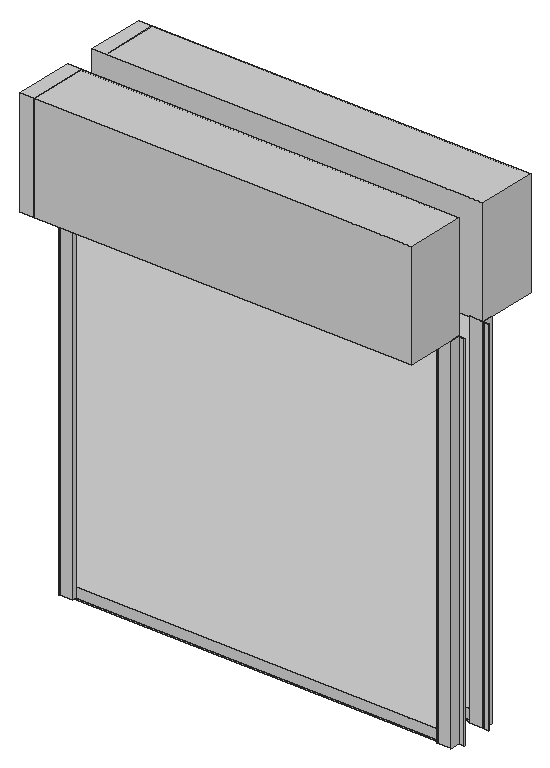
Revit family "DSI-FW119_Smoke-and-Fire-Curtain_Over-Under-Headbox_Door-Systems", category Doors, host Wall, Revit 2023
Family settings
  Host = Wall
  OmniClass Number = 23.30.60.17
  OmniClass Title = Fire and Smoke Shutters and Curtains
  Always vertical = Yes
  Cut with Voids When Loaded = No
  Shared = No
  Room Calculation Point = No
Parameters (values of type "Default")
  Width = 9' - 0"
  Wall Thickness_Calc [instance] = if(Wall Thickness < 0' 9", Wall Thickness, 0' 9")  # 0' - 9"
  Wall Thickness [instance] = 0' - 9"
  URL = "https://www.doorsysinc.com/"
  Specification = "https://www.arcat.com/company/door-systems-50183/spec"
  Product Page URL = "https://www.arcat.com/arcatcos/cos50/arc50183.html"
  Model = "DSI-FW119"
  Manufacturer = "Door Systems"
  Keynote = "08 33 44"
  Jamb Lenght = 0' - 4"
  Jamb Depth = 0' - 3"
  Height = 9' - 0"
  Head Box Width_Calc [instance] = if(Head Box Width > 0' 9", Head Box Width, 0' 9")  # 1' - 5 1/2"
  Head Box Width [instance] = if(Clear Opening Height < 10' 1", 1' 5 1/2", 1' 9 1/2")  # 1' - 5 1/2"
  Head Box Height_Calc [instance] = if(Head Box Height > 1' 3", Head Box Height, 1' 3")  # 2' - 7 1/2"
  Head Box Height [instance] = if(Clear Opening Height < 10' 1", 2' 7 1/2", 3' 7 1/2")  # 2' - 7 1/2"
  Frame Projection Ext. = 0' - 1"
  Frame Projection Int. = 0' - 1"
  Frame Width = 0' - 3"
  Wall Closure = By host
  Frame Finish = Metal - Steel - Primed
  CurtainDrop_Viz = yes
  Curtain Finish = HS690-SS FABRIC- FW119
  Copyright = "Arcat, Inc."
  Clear Opening Width [instance] = 9' - 0"
  Clear Opening Height [instance] = 9' - 0"
  CAD Details = "https://www.arcat.com/company/door-systems-50183/cad"
Reference planes (in)
  plane 1 "Center (Front/Back)": y = 0
  plane 2 "Center (Left/Right)": x = 0
  plane 3 "Left": x = -54
  plane 4 "Right": x = 54
  plane 5 "Top": z = 108
  plane 6 "Exterior": y = 4
  plane 7 "Interior": y = -4
  plane 8: y = 7.5
  plane 9: y = 6
  plane 10: y = -6
  plane 11: y = -7.5
  plane 12: x = -58
  plane 13: y = 6.5
  plane 14: y = 5.5
  plane 15: y = -5.5
  plane 16: y = -6.5
  plane 17: x = 58
  plane 18: y = -4.5
  plane 19: y = 4.5
  plane 20: y = 6.4375
  plane 21: y = 5.5625
  plane 22: y = -5.5625
  plane 23: y = -6.4375
  plane 24: y = 4.625
  plane 25: x = -58.125
  plane 26: x = -59.625
  plane 27: x = 58.125
  plane 28: x = 59.625
  plane 29: y = -4.625
Forms (in)
  Extrusion 1, solid, material "HS690-SS FABRIC- FW119" <- "Curtain Finish"
    sketch origin (0, 0, 0) x (1, 0, 0) y (0, 1, 0)
      loop
        line (-54, 6.4375) -> (-54, 5.5625) -> (54, 5.5625) -> (54, 6.4375) -> (-54, 6.4375)
    from 0 to 108
  Sweep 2, solid, material "Metal - Steel - Primed" <- "Frame Finish"
    path origin (0, 7.5, -36) x (1, 0, 0) y (0, 0, 1)
      loop
        line (-58, 144) -> (58, 144)
    profile origin (0, 7.5, 108) x (0, 0, 1) y (0, -1, 0)
      loop
        line (31.5, 3) -> (0, 3) -> (0, -14.5) -> (31.5, -14.5) -> (31.5, 3)
  Sweep 3, solid, material "Metal - Steel - Primed" <- "Frame Finish", visible <- "CurtainDrop_Viz"
    path origin (0, 0, 0) x (1, 0, 0) y (0, 1, 0)
      loop
        line (54, 6) -> (-54, 6)
    profile origin (0, 6, 0) x (0, -1, 0) y (0, 0, 1)
      loop
        line (-1, 0.125) -> (-1, 0) -> (-0.3125, 0) -> (-0.3125, 3) -> (-0.4375, 3) -> (-0.4375, 0.125) -> (-1, 0.125)
      loop
        line (1, 0) -> (1, 0.125) -> (0.4375, 0.125) -> (0.4375, 3) -> (0.3125, 3) -> (0.3125, 0) -> (1, 0)
  Sweep 4, solid, material "Metal - Steel - Primed" <- "Frame Finish"
    path origin (0, -7.5, -36) x (1, 0, 0) y (0, 0, -1)
      loop
        line (-58, -144) -> (58, -144)
    profile origin (0, -7.5, 108) x (0, 0, -1) y (0, 1, 0)
      loop
        line (-31.5, 3) -> (-31.5, -14.5) -> (0, -14.5) -> (0, 3) -> (-31.5, 3)
  Extrusion 5, solid, material "Metal - Steel - Primed" <- "Frame Finish"
    sketch origin (0, 0, 0) x (1, 0, 0) y (0, 1, 0)
      loop
        line (-54, -5.5) -> (-54, -4.5) -> (-58, -4.5) -> (-58, -7.5) -> (-54, -7.5) -> (-54, -6.5) -> (-55.25, -6.5) -> (-55.25, -6.625) -> (-54.125, -6.625) -> (-54.125, -7.375) -> (-57.875, -7.375) -> (-57.875, -4.625) -> (-54.125, -4.625) -> (-54.125, -5.375) -> (-55.25, -5.375) -> (-55.25, -5.5) -> (-54, -5.5)
      loop
        line (54, -7.5) -> (58, -7.5) -> (58, -4.5) -> (54, -4.5) -> (54, -5.5) -> (55.24883, -5.5) -> (55.24883, -5.375) -> (54.125, -5.375) -> (54.125, -4.625) -> (57.875, -4.625) -> (57.875, -7.375) -> (54.125, -7.375) -> (54.125, -6.625) -> (55.24883, -6.625) -> (55.24883, -6.5) -> (54, -6.5) -> (54, -7.5)
    from 0 to 108
  Extrusion 6, solid, material "HS690-SS FABRIC- FW119" <- "Curtain Finish"
    sketch origin (0, 0, 0) x (1, 0, 0) y (0, 1, 0)
      loop
        line (-54, -6.4375) -> (54, -6.4375) -> (54, -5.5625) -> (-54, -5.5625) -> (-54, -6.4375)
    from 0 to 108
  Sweep 7, solid, material "Metal - Steel - Primed" <- "Frame Finish", visible <- "CurtainDrop_Viz"
    path origin (0, 0, 0) x (1, 0, 0) y (0, 1, 0)
      loop
        line (54, -6) -> (-54, -6)
    profile origin (0, -6, 0) x (0, -1, 0) y (0, 0, 1)
      loop
        line (1, 0.125) -> (0.4375, 0.125) -> (0.4375, 3) -> (0.3125, 3) -> (0.3125, 0) -> (1, 0) -> (1, 0.125)
      loop
        line (-1, 0) -> (-0.3125, 0) -> (-0.3125, 3) -> (-0.4375, 3) -> (-0.4375, 0.125) -> (-1, 0.125) -> (-1, 0)
  Extrusion 8, void
    sketch origin (0, 0, 0) x (0, 1, 0) y (0, 0, 1)
      loop
        line (21.875, 139.375) -> (4.625, 139.375) -> (4.625, 108.125) -> (21.875, 108.125) -> (21.875, 139.375)
      loop
        line (-4.625, 139.375) -> (-21.875, 139.375) -> (-21.875, 108.125) -> (-4.625, 108.125) -> (-4.625, 139.375)
    from -54 to 54
  Extrusion 9, solid, material "Metal - Steel - Primed" <- "Frame Finish"
    sketch origin (0, 0, 0) x (1, 0, 0) y (0, 1, 0)
      loop
        line (-54, 7.5) -> (-58, 7.5) -> (-58, 4.5) -> (-54, 4.5) -> (-54, 5.5) -> (-55.25, 5.5) -> (-55.25, 5.375) -> (-54.125, 5.375) -> (-54.125, 4.625) -> (-57.875, 4.625) -> (-57.875, 7.375) -> (-54.125, 7.375) -> (-54.125, 6.625) -> (-55.25, 6.625) -> (-55.25, 6.5) -> (-54, 6.5) -> (-54, 7.5)
      loop
        line (58, 7.5) -> (54, 7.5) -> (54, 6.5) -> (55.24883, 6.5) -> (55.24883, 6.625) -> (54.125, 6.625) -> (54.125, 7.375) -> (57.875, 7.375) -> (57.875, 4.625) -> (54.125, 4.625) -> (54.125, 5.375) -> (55.24883, 5.375) -> (55.24883, 5.5) -> (54, 5.5) -> (54, 4.5) -> (58, 4.5) -> (58, 7.5)
    from 0 to 108
  Extrusion 10, solid, material "Metal - Steel - Primed" <- "Frame Finish"
    sketch origin (0, 0, 0) x (1, 0, 0) y (0, 1, 0)
      loop
        line (-59.625, -4.5) -> (-59.625, -4.625) -> (-58.125, -4.625) -> (-58.125, -7.5) -> (-58, -7.5) -> (-58, -4.5) -> (-59.625, -4.5)
      loop
        line (58, -4.5) -> (58, -7.5) -> (58.125, -7.5) -> (58.125, -4.625) -> (59.625, -4.625) -> (59.625, -4.5) -> (58, -4.5)
    from 0 to 108
  Extrusion 11, solid, material "Metal - Steel - Primed" <- "Frame Finish"
    sketch origin (0, 0, 0) x (1, 0, 0) y (0, 1, 0)
      loop
        line (-58, 7.5) -> (-58.125, 7.5) -> (-58.125, 4.625) -> (-59.625, 4.625) -> (-59.625, 4.5) -> (-58, 4.5) -> (-58, 7.5)
      loop
        line (58.125, 7.5) -> (58, 7.5) -> (58, 4.5) -> (59.625, 4.5) -> (59.625, 4.625) -> (58.125, 4.625) -> (58.125, 7.5)
    from 0 to 108
Cuts and joins
  Extrusion 8 cuts Sweep 2
  Extrusion 8 cuts Sweep 4
Lines and regions (in)
  Opening 1
    outline origin (-90, -4, 0) x (1, 0, 0) y (0, 0, 1)
      loop
        line (36, 0) -> (144, 0) -> (144, 139.5) -> (36, 139.5) -> (36, 0)
Text (in)
  text "Exterior" at (-74.96733, 27.31104, 0), in view "Ref. Level"
  text "Interior" at (-74.96733, -25.14366, 0), in view "Ref. Level"
  text "Exterior" at (0, 40.15149, 123.01588), in view "Right"
  text "Interior" at (0, -64.39139, 123.01588), in view "Right"
  text "Interior" at (0, -31.01599, 123.00693), in view "Left"
  text "Exterior" at (0, 54.57065, 123.00693), in view "Left"
Dimensions and locks (in)
  equal spacing: plane 3 "Left", plane 2 "Center (Left/Right)", plane 4 "Right"
  "Clear Opening Height": level to plane 5 "Top"
  plane 3 "Left" to plane 4 "Right" = 9' - 0"
  host wall to plane 5 "Top" = 9' - 0"
  locked: Sweep 3 sketch curve to Sweep 3 sketch curve at 0.125
  "Head Box Width_Calc": Sweep 2 sketch curve to Sweep 2 sketch curve
  "Head Box Height_Calc": Sweep 2 sketch curve to Sweep 2 sketch curve
  "Clear Opening Width": plane 3 "Left" to plane 4 "Right"
  "Head Box Width_Calc": Sweep 4 sketch curve to Sweep 4 sketch curve
  "Head Box Height_Calc": Sweep 4 sketch curve to profile plane
  locked: Sweep 7 sketch curve to Sweep 7 sketch curve at 0.125
  locked: Sweep 2 to Extrusion 8 sketch curve at 0.125  (x2)
  locked: Extrusion 8 sketch curve to Sweep 2 at 0.125
  locked: Sweep 4 to Extrusion 8 sketch curve at 0.125  (x3)
  locked: cut or joined group of Sweep 2, Extrusion 8 to Extrusion 8 sketch curve at 0.125
  locked: Extrusion 8 sketch curve to cut or joined group of Sweep 4, Extrusion 8 at 0.125
  equal spacing: plane 19, plane 9, plane 8
  "Jamb Lenght": plane 12 to plane 3 "Left"
  equal spacing: plane 18, plane 10, plane 11
  "Jamb Depth": plane 18 to plane 11
  "Jamb Depth": plane 19 to plane 8
  equal spacing: plane 19, plane 14, plane 13, plane 8
  equal spacing: plane 18, plane 15, plane 16, plane 11
  "Jamb Lenght": plane 4 "Right" to plane 17
  equal spacing: plane 19, plane 1 "Center (Front/Back)", plane 18
  "Wall Thickness_Calc": plane 19 to plane 18
  locked: plane 13 to plane 20 at 0.0625
  locked: plane 14 to plane 21 at 0.0625
  locked: plane 22 to plane 15 at 0.0625
  locked: plane 23 to plane 16 at 0.0625
  plane 26 to plane 25 to plane 12 = 0' - 1 1/2" locked, 0' - 0 1/8" locked
  locked: plane 24 to plane 19 at 0.125
  plane 28 to plane 27 to plane 17 = 0' - 1 1/2" locked, 0' - 0 1/8" locked
  locked: plane 18 to plane 29 at 0.125
  aligned and locked: Opening 1 sketch curve to level
  aligned and locked: plane 6 "Exterior" to host wall
  aligned and locked: host wall to plane 7 "Interior"
  aligned and locked: Sweep 3 sketch curve to Sweep 3 sketch curve
  aligned and locked: plane 5 "Top" to Sweep 2
  aligned and locked: Sweep 2 sketch curve to plane 5 "Top"
  aligned and locked: plane 9 to Sweep 3 sketch curve
  aligned and locked: plane 3 "Left" to Sweep 3 sketch curve
  aligned and locked: plane 4 "Right" to Sweep 3 sketch curve
  aligned and locked: Extrusion 1 to plane 5 "Top"
  aligned and locked: Extrusion 5 sketch curve to plane 11  (x2)
  aligned and locked: Extrusion 5 sketch curve to Extrusion 5 sketch curve
  aligned and locked: Extrusion 5 to plane 5 "Top"
  aligned and locked: Sweep 4 sketch curve to plane 5 "Top"
  aligned and locked: Extrusion 5 to Sweep 4 sketch curve
  aligned and locked: Extrusion 5 to Sweep 2 sketch curve
  aligned and locked: Sweep 7 sketch curve to Sweep 7 sketch curve
  aligned and locked: Sweep 2 to Opening 1 sketch curve
  aligned and locked: Extrusion 8 to plane 4 "Right"
  aligned and locked: plane 3 "Left" to Extrusion 8
  aligned and locked: plane 3 "Left" to Opening 1 sketch curve
  aligned and locked: plane 4 "Right" to Opening 1 sketch curve
  aligned and locked: Extrusion 6 to plane 5 "Top"
  aligned and locked: Extrusion 5 sketch curve to plane 12
  aligned and locked: plane 15 to Extrusion 5 sketch curve  (x2)
  aligned and locked: plane 16 to Extrusion 5 sketch curve  (x2)
  aligned and locked: plane 17 to Extrusion 5 sketch curve
  aligned and locked: Extrusion 5 sketch curve to plane 18  (x2)
  aligned and locked: Extrusion 9 sketch curve to plane 8  (x2)
  aligned and locked: Extrusion 9 sketch curve to plane 12
  aligned and locked: Extrusion 9 sketch curve to plane 3 "Left"
  aligned and locked: Extrusion 9 sketch curve to plane 13  (x2)
  aligned and locked: plane 14 to Extrusion 9 sketch curve  (x2)
  aligned and locked: Extrusion 9 sketch curve to Extrusion 5
  aligned and locked: Extrusion 9 sketch curve to plane 19  (x2)
  aligned and locked: Extrusion 9 sketch curve to plane 4 "Right"
  aligned and locked: Extrusion 9 sketch curve to plane 17
  aligned and locked: Extrusion 5 to Extrusion 9 sketch curve
  aligned and locked: Extrusion 9 to level
  aligned and locked: Extrusion 9 to plane 5 "Top"
  aligned and locked: Extrusion 1 sketch curve to plane 20
  aligned and locked: Extrusion 1 sketch curve to plane 21
  aligned and locked: Extrusion 1 sketch curve to plane 3 "Left"
  aligned and locked: plane 4 "Right" to Extrusion 1 sketch curve
  aligned and locked: Extrusion 6 sketch curve to plane 22
  aligned and locked: Extrusion 6 sketch curve to plane 23
  aligned and locked: plane 3 "Left" to Extrusion 6 sketch curve
  aligned and locked: Extrusion 6 sketch curve to plane 4 "Right"
  aligned and locked: Sweep 2 sketch curve to profile plane
  aligned and locked: Sweep 4 sketch curve to profile plane
  aligned and locked: Extrusion 10 sketch curve to plane 18  (x2)
  aligned and locked: Extrusion 10 sketch curve to plane 29  (x2)
  aligned and locked: Extrusion 10 sketch curve to plane 26
  aligned and locked: Extrusion 10 sketch curve to plane 25
  aligned and locked: Extrusion 10 sketch curve to plane 12
  aligned and locked: plane 11 to Extrusion 10 sketch curve  (x2)
  aligned and locked: plane 27 to Extrusion 10 sketch curve
  aligned and locked: Extrusion 10 sketch curve to plane 17
  aligned and locked: plane 28 to Extrusion 10 sketch curve
  aligned and locked: Extrusion 10 to level
  aligned and locked: Extrusion 10 to plane 5 "Top"
  aligned and locked: Extrusion 11 sketch curve to plane 8  (x2)
  aligned and locked: Extrusion 11 sketch curve to plane 25
  aligned and locked: Extrusion 11 sketch curve to plane 12
  aligned and locked: Extrusion 11 sketch curve to plane 24  (x2)
  aligned and locked: Extrusion 11 sketch curve to plane 19  (x2)
  aligned and locked: Extrusion 11 sketch curve to plane 26
  aligned and locked: plane 27 to Extrusion 11 sketch curve
  aligned and locked: Extrusion 11 sketch curve to plane 17
  aligned and locked: plane 28 to Extrusion 11 sketch curve
  aligned and locked: Extrusion 11 to level
  aligned and locked: Extrusion 11 to plane 5 "Top"
  aligned and locked: plane 19 to Sweep 2 sketch curve
  aligned and locked: plane 18 to Sweep 4 sketch curve
Automatic sketch dimensions
  Sweep 3 sketch curve to profile plane = 0' - 0"  (x2)
  profile plane to Sweep 3 sketch curve = 0' - 0 1/8"
  profile plane to Sweep 3 sketch curve = 0' - 1"
  profile plane to Sweep 3 sketch curve = 0' - 0 7/16"
  Sweep 3 sketch curve to profile plane = 0' - 0 5/16"
  Sweep 3 sketch curve to Sweep 3 sketch curve = 0' - 0 1/8"
  Sweep 3 sketch curve to Sweep 3 sketch curve = 0' - 0 9/16"
  Sweep 3 sketch curve to Sweep 3 sketch curve = 0' - 2 7/8"
  Sweep 3 sketch curve to Sweep 3 sketch curve = 0' - 0"
  Sweep 2 sketch curve to plane 12 = 0' - 0"
  Sweep 4 sketch curve to plane 12 = 0' - 0"
  Extrusion 5 sketch curve to plane 3 "Left" = 0' - 0"  (x2)
  Extrusion 5 sketch curve to plane 4 "Right" = 0' - 0"
  plane 12 to Extrusion 5 sketch curve = 0' - 0 1/8"
  Extrusion 5 sketch curve to plane 15 = 0' - 0 1/8"  (x2)
  plane 3 "Left" to Extrusion 5 sketch curve = 0' - 1 1/4"
  Extrusion 5 sketch curve to plane 16 = 0' - 0 1/8"  (x2)
  Extrusion 5 sketch curve to Extrusion 5 sketch curve = 0' - 0"  (x2)
  plane 3 "Left" to Extrusion 5 sketch curve = 0' - 0 1/8"  (x2)
  Extrusion 5 sketch curve to plane 4 "Right" = 0' - 0 1/8"  (x2)
  Extrusion 5 sketch curve to Extrusion 5 sketch curve = 0' - 1.12383"
  Extrusion 5 sketch curve to plane 17 = 0' - 0 1/8"
  plane 11 to Extrusion 5 sketch curve = 0' - 0 1/8"  (x2)
  Extrusion 5 sketch curve to plane 18 = 0' - 0 1/8"  (x2)
  Sweep 7 sketch curve to plane 3 "Left" = 0' - 0"
  Sweep 7 sketch curve to plane 4 "Right" = 0' - 0"
  plane 10 to Sweep 7 sketch curve = 0' - 0"
  Sweep 7 sketch curve to profile plane = 0' - 0"  (x2)
  profile plane to Sweep 7 sketch curve = 0' - 1"
  profile plane to Sweep 7 sketch curve = 0' - 0 7/16"
  Sweep 7 sketch curve to Sweep 7 sketch curve = 0' - 0 1/8"
  Sweep 7 sketch curve to profile plane = 0' - 0 5/16"
  profile plane to Sweep 7 sketch curve = 0' - 0 1/8"
  Sweep 7 sketch curve to Sweep 7 sketch curve = 0' - 0 9/16"
  Sweep 7 sketch curve to Sweep 7 sketch curve = 0' - 2 7/8"
  Sweep 7 sketch curve to Sweep 7 sketch curve = 0' - 0"
  Extrusion 9 sketch curve to plane 24 = 0' - 0"  (x2)
  Extrusion 9 sketch curve to plane 3 "Left" = 0' - 0"
  Extrusion 9 sketch curve to plane 4 "Right" = 0' - 0"
  plane 12 to Extrusion 9 sketch curve = 0' - 0 1/8"
  plane 14 to Extrusion 9 sketch curve = 0' - 0 1/8"  (x2)
  Extrusion 9 sketch curve to Extrusion 9 sketch curve = 0' - 0"  (x2)
  plane 3 "Left" to Extrusion 9 sketch curve = 0' - 0 1/8"  (x2)
  Extrusion 9 sketch curve to plane 4 "Right" = 0' - 0 1/8"  (x2)
  plane 13 to Extrusion 9 sketch curve = 0' - 0 1/8"  (x2)
  Extrusion 9 sketch curve to plane 17 = 0' - 0 1/8"
  plane 8 to Extrusion 9 sketch curve = 0' - 0 1/8"  (x2)
